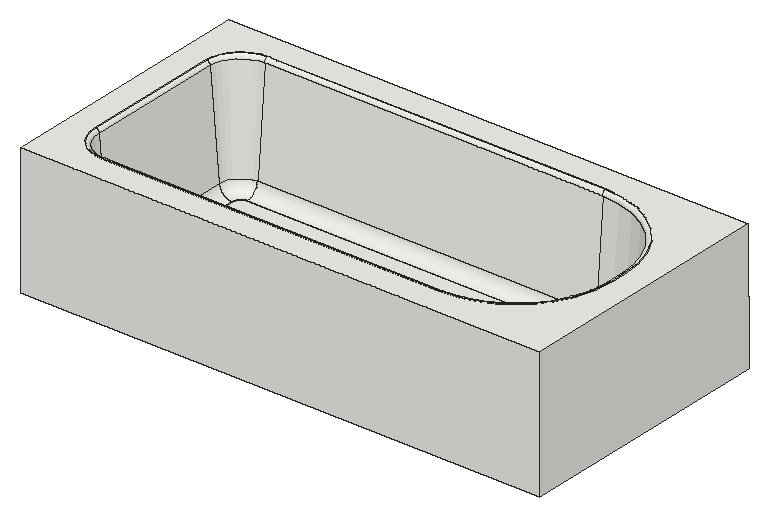
Revit family "7cadfcc2955241ea9949473e8508f9e0", category Plumbing Fixtures, host Wall, Revit 2021
Family settings
  Host = Wall
  Round Connector Dimension = Use Diameter
  Part Type = Normal
  OmniClass Number = 23.45.05.14.21.11
  OmniClass Title = Bath/Shower Units
  Seek Item ID = Tub-Rectangular-3D-0000-USA-ENU
  Always vertical = Yes
  Cut with Voids When Loaded = No
  Shared = No
  Room Calculation Point = No
Parameters (values of type "Tub-Rectangular-3D")
  Default Elevation = 0' - 0"
  Assembly Code = "D2010500"
  Depth = 2' - 6"
  Height = 1' - 3"
  Tub Material = Porcelain, Ivory
  Width = 5' - 0"
Reference planes (in)
  plane 1: y = 0
  plane 2: y = 3
  plane 3: y = 33
  plane 4: x = -43.72453
  plane 5: x = 16.27547
  plane 6 "Center (Front/Back)": y = 18
  plane 7 "Center (Left/Right)": x = -13.72453
  plane 8: z = 15
  plane 9: z = 14.25
Forms (in)
  Sweep 1, solid, material "Porcelain, Ivory" <- "Tub Material"
    path origin (0, 0, 15) x (0, 1, 0) y (-1, 0, 0)
      loop
        line (30, -2.27547) -> (30, 36.72453)
        arc (30, 36.72453) -> (28.82843, 39.55295) -> (26, 40.72453) r 4
        line (26, 40.72453) -> (10, 40.72453)
        arc (10, 40.72453) -> (7.17157, 39.55295) -> (6, 36.72453) r 4
        line (6, 36.72453) -> (6, -2.27547)
        arc (6, -2.27547) -> (9.22183, -10.05365) -> (17, -13.27547) r 11
        line (17, -13.27547) -> (19, -13.27547)
        arc (19, -13.27547) -> (26.77817, -10.05365) -> (30, -2.27547) r 11
    profile origin (-17.22453, 0, 15) x (0, -1, 0) y (0, 0, 1)
      loop
        line (-30, 0) -> (-30, -14.33608) -> (-26.98411, -14.33608) -> (-26.98411, -13.58608)
        arc (-26.98411, -13.58608) -> (-27.9975, -13.192) -> (-28.47841, -12.21681) r 1.5
        line (-28.47841, -12.21681) -> (-29.50874, -0.44003)
        arc (-29.50874, -0.44003) -> (-29.67024, -0.12609) -> (-30, 0) r 0.49424
  Extrusion 2, solid, material "Porcelain, Ivory" <- "Tub Material"
    sketch origin (2.27547, 17, 0.66392) x (0, -1, 0) y (1, 0, 0)
      loop
        arc (-9.98411, -39) -> (-9.69587, -39.69587) -> (-9, -39.98411) r 0.98411
        line (-9, -39.98411) -> (7, -39.98411)
        arc (7, -39.98411) -> (7.69587, -39.69587) -> (7.98411, -39) r 0.98411
        line (7.98411, -39) -> (7.98411, 0)
        arc (7.98411, 0) -> (5.64562, 5.64562) -> (0, 7.98411) r 7.98411
        line (0, 7.98411) -> (-2, 7.98411)
        arc (-2, 7.98411) -> (-7.64562, 5.64562) -> (-9.98411, 0) r 7.98411
        line (-9.98411, 0) -> (-9.98411, -39)
      loop
        circle (-1, -38.04359) r 0.875
    from 0 to 0.75
  Extrusion 3, solid, material "Porcelain, Ivory" <- "Tub Material"
    sketch origin (0, 0, 0) x (1, 0, 0) y (0, 1, 0)
      loop
        line (-43.72453, 33) -> (-43.72453, 3) -> (16.27547, 3) -> (16.27547, 33) -> (-43.72453, 33)
      loop
        line (-42.97453, 32.25) -> (-42.97453, 3.75) -> (15.52547, 3.75) -> (15.52547, 32.25) -> (-42.97453, 32.25)
    from 0 to 14.25
  Extrusion 4, solid, material "Porcelain, Ivory" <- "Tub Material"
    sketch origin (0, 0, 15) x (0, 1, 0) y (-1, 0, 0)
      loop
        line (33, 43.72453) -> (3, 43.72453) -> (3, -16.27547) -> (33, -16.27547) -> (33, 43.72453)
      loop
        line (30, -2.27547) -> (30, 36.72453)
        arc (30, 36.72453) -> (28.82843, 39.55295) -> (26, 40.72453) r 4
        line (26, 40.72453) -> (10, 40.72453)
        arc (10, 40.72453) -> (7.17157, 39.55295) -> (6, 36.72453) r 4
        line (6, 36.72453) -> (6, -2.27547)
        arc (6, -2.27547) -> (9.22183, -10.05365) -> (17, -13.27547) r 11
        line (17, -13.27547) -> (19, -13.27547)
        arc (19, -13.27547) -> (26.77817, -10.05365) -> (30, -2.27547) r 11
    from 0 to -0.75
Cuts and joins
  joined: Extrusion 3, Extrusion 4
Lines and regions (in)
  Masking region 1
    outline origin (0, 0, 0) x (1, 0, 0) y (0, 1, 0)
      loop
        line (-43.72453, 33) -> (-43.72453, 3) -> (16.27547, 3) -> (16.27547, 33) -> (-43.72453, 33)
  symbolic lines
    curve 1: line (-36.72453, 6, 0) -> (2.27547, 6, 0)
    curve 2: line (-40.72453, 26, 0) -> (-40.72453, 10, 0)
    curve 3: line (2.27547, 30, 0) -> (-36.72453, 30, 0)
    curve 4: line (13.27547, 17, 0) -> (13.27547, 19, 0)
    curve 5: arc (-36.72453, 30, 0) -> (-39.55295, 28.82843, 0) -> (-40.72453, 26, 0) r 4
    curve 6: arc (-40.72453, 10, 0) -> (-39.55295, 7.17157, 0) -> (-36.72453, 6, 0) r 4
    curve 7: arc (2.27547, 30, 0) -> (10.05365, 26.77817, 0) -> (13.27547, 19, 0) r 11
    curve 8: arc (13.27547, 17, 0) -> (10.05365, 9.22183, 0) -> (2.27547, 6, 0) r 11
    curve 9: arc (-35.76812, 18.875, 0) -> (-34.89312, 18, 0) -> (-35.76812, 17.125, 0) r 0.875
    curve 10: arc (-35.76812, 17.125, 0) -> (-36.64312, 18, 0) -> (-35.76812, 18.875, 0) r 0.875
Text (in)
  text "Interior" at (0, 38.42453, 28.83819), in view "Right"
  text "Interior" at (0, 25.55551, 30.13204), in view "Left"
Dimensions and locks (in)
  equal spacing: plane 4, plane 7 "Center (Left/Right)", plane 5
  "Width": plane 4 to plane 5
  equal spacing: plane 2, plane 6 "Center (Front/Back)", plane 3
  "Depth": plane 2 to plane 3
  "Height": host wall to plane 8
  locked: plane 9 to plane 8 at 0.75
  aligned and locked: plane 2 to host wall
  aligned and locked: Sweep 1 sketch curve to Extrusion 4  (x2)
  aligned and locked: Extrusion 2 sketch curve to Sweep 1  (x2)
  aligned and locked: Sweep 1 to Extrusion 4
  aligned and locked: Extrusion 3 to plane 9
  aligned and locked: Masking region 1 sketch curve to plane 5
  aligned and locked: plane 3 to Masking region 1 sketch curve
  aligned and locked: plane 4 to Masking region 1 sketch curve
  aligned and locked: Masking region 1 sketch curve to plane 2
Automatic sketch dimensions
  Sweep 1 sketch curve to plane 8 = 0' - 0"
  Sweep 1 sketch curve to profile plane = 0' - 0"
  plane 8 to Sweep 1 sketch curve = 0' - 0.44003"
  Sweep 1 sketch curve to profile plane = 0' - 0.49126"
  Sweep 1 sketch curve to profile plane = 0' - 1.52159"
  Sweep 1 sketch curve to Sweep 1 sketch curve = 0' - 1.49429"
  Sweep 1 sketch curve to Sweep 1 sketch curve = 0' - 11.64605"
  Sweep 1 sketch curve to Sweep 1 sketch curve = 0' - 0.13073"
  Sweep 1 sketch curve to Sweep 1 sketch curve = 0' - 0 3/4"
  Extrusion 3 sketch curve to plane 3 = 0' - 0"
  Extrusion 3 sketch curve to plane 4 = 0' - 0"
  Extrusion 3 sketch curve to plane 2 = 0' - 0"
  Extrusion 3 sketch curve to plane 5 = 0' - 0"
  plane 4 to Extrusion 3 sketch curve = 0' - 0 3/4"
  Extrusion 3 sketch curve to Extrusion 3 sketch curve = 0' - 0 3/4"
  Extrusion 3 sketch curve to plane 2 = 0' - 0 3/4"
  plane 3 to Extrusion 3 sketch curve = 0' - 0 3/4"
  Extrusion 4 sketch curve to plane 2 = 0' - 0"
  Extrusion 4 sketch curve to plane 3 = 0' - 0"
  Extrusion 4 sketch curve to plane 2 = 0' - 3"
  plane 4 to Extrusion 4 sketch curve = 0' - 3"
  Extrusion 4 sketch curve to Extrusion 4 sketch curve = 0' - 4"
  plane 6 "Center (Front/Back)" to Extrusion 4 sketch curve = 0' - 1"
  Extrusion 4 sketch curve to plane 6 "Center (Front/Back)" = 0' - 1"
  Extrusion 4 sketch curve to Extrusion 4 sketch curve = 0' - 7"
  plane 3 to Extrusion 4 sketch curve = 0' - 3"
  Extrusion 4 sketch curve to plane 5 = 0' - 0"
  Extrusion 4 sketch curve to plane 4 = 0' - 0"
  Extrusion 4 sketch curve to plane 5 = 0' - 3"
  Sweep 1 sketch curve to Sweep 1 sketch curve = 0' - 4"
  plane 6 "Center (Front/Back)" to Sweep 1 sketch curve = 0' - 1"
  Sweep 1 sketch curve to plane 6 "Center (Front/Back)" = 0' - 1"
  plane 3 to Sweep 1 sketch curve = 0' - 7"
  plane 3 to Sweep 1 sketch curve = 0' - 3"
  plane 4 to Sweep 1 sketch curve = 0' - 7"
  Extrusion 2 sketch curve to plane 6 "Center (Front/Back)" = 0' - 0"
  Extrusion 2 sketch curve to Extrusion 2 sketch curve = 0' - 0 7/8"
  Extrusion 2 sketch curve to plane 6 "Center (Front/Back)" = 0' - 1"
  plane 3 to Extrusion 2 sketch curve = 0' - 7"
  plane 3 to Extrusion 2 sketch curve = 0' - 6.01589"
  plane 6 "Center (Front/Back)" to Extrusion 2 sketch curve = 0' - 1"
  Extrusion 2 sketch curve to Extrusion 2 sketch curve = 0' - 0.98411"
  plane 4 to Extrusion 2 sketch curve = 0' - 7.95641"
  plane 4 to Extrusion 2 sketch curve = 0' - 7"
  curve 10 to plane 6 "Center (Front/Back)" = 0' - 0"
  plane 4 to curve 2 = 0' - 3"
  host wall to curve 1 = 0' - 3"
  curve 2 to curve 1 = 0' - 4"
  plane 3 to curve 5 = 0' - 3"
  curve 5 to curve 5 = 0' - 4"
  plane 6 "Center (Front/Back)" to curve 10 = 0' - 0 7/8"
  curve 6 to curve 10 = 0' - 0.95641"
  curve 3 to plane 5 = 1' - 2"
  curve 1 to curve 7 = 0' - 0"
  plane 6 "Center (Front/Back)" to curve 8 = 0' - 1"
